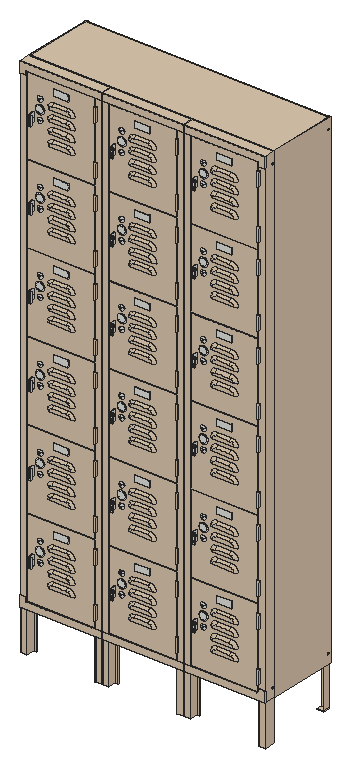
Revit family "Metal_Lockers-Salsbury_Industries-65000_66000_Series-3_Wide_Units", category Specialty Equipment, Revit 2024 (continued)
Definition of nested family "Metal Locker Zee Base - 3 Wide"
  Automatic sketch dimensions
    Extrusion 3 sketch curve to plane 17 "Back Edge of Rear Legs" = 0.060"
    Extrusion 3 sketch curve to plane 19 "Left Edge or Rear Left Leg" = 0.060"
    plane 17 "Back Edge of Rear Legs" to Extrusion 4 sketch curve = 0.000"
    Extrusion 4 sketch curve to plane 19 "Left Edge or Rear Left Leg" = 0.000"
    plane 20 to Extrusion 4 sketch curve = 0.000"
    Extrusion 4 sketch curve to plane 22 "Inside Edge or Left Rear Leg" = 0.000"
    Extrusion 5 sketch curve to plane 9 "Front of Unit" = 0.000"
    Extrusion 5 sketch curve to level = 0.000"
    Extrusion 5 sketch curve to plane 13 "Back Edge of Front Facing" = 0.000"
    plane 5 "Bottom of Unit" to Extrusion 5 sketch curve = 0.000"
    Extrusion 5 sketch curve to plane 13 "Back Edge of Front Facing" = 0.060"
    Extrusion 5 sketch curve to Extrusion 5 sketch curve = 1.588"
    level to Extrusion 5 sketch curve = 0.060"
    plane 5 "Bottom of Unit" to Extrusion 5 sketch curve = 0.060"
Definition of nested family "Metal Locker Zee Base-Right Side"
  Parameters (values of type "77578 Right - 18" D")
    Width including Rivet [instance] = 1.290"
    Visible = yes
    Primary Structure Material = none
    Depth = 16.362"
    Version = "1.0 (11/30/15)"
    Type Comments = "Zee Base Kit for Standard Metal Lockers - No Legs"
    Model = "77578"
    MasterFormat Title = ""
    MasterFormat Number = ""
    Manufacturer = "Salsbury Industries"
    Description = "4\" H x 6' L - for 12\" Deep Lockers (Includes 6 Foot Front Base, 2 End Bases, Corner Splicer and 4 Rear Legs)"
    Width = 4.000"
    Height = 4.000"
    Default Elevation = 0.000"
    Assembly Code = ""
  Types (4): name | Visible | Depth | Type Comments | Model | Description
    77572 Right - 12" D | yes | 10.362" | "Zee Base Kit for Standard Metal Lockers - No Legs" | "77572" | "4\" H x 6' L - for 12\" Deep Lockers (Includes 6 Foot Front Base, 2 End Bases, Corner Splicer and 4 Rear Legs)"
    77575 Right - 15" D | yes | 13.362" | "Zee Base Kit for Standard Metal Lockers - No Legs" | "77575" | "4\" H x 6' L - for 12\" Deep Lockers (Includes 6 Foot Front Base, 2 End Bases, Corner Splicer and 4 Rear Legs)"
    77578 Right - 18" D | yes | 16.362" | "Zee Base Kit for Standard Metal Lockers - No Legs" | "77578" | "4\" H x 6' L - for 12\" Deep Lockers (Includes 6 Foot Front Base, 2 End Bases, Corner Splicer and 4 Rear Legs)"
    None | no | 10.362" | "End Base for Standard Metal Lockers" | "" | ""
  Reference planes (in)
    plane 1 "Center (Front/Back)": y = 0
    plane 2: z = 0
    plane 3 "Center (Left/Right)": x = 3.99
    plane 4 "Floor": z = 0
    plane 5 "Top of Enclosure": z = 4
    plane 6 "Left Edge of Insert": x = 4.77
    plane 7 "Right Side of Unit": x = 5.99
    plane 8 "Left Edge of Enclosure": y = -8.181
    plane 9 "Right Edge of Enclosure": y = 8.181
    plane 10 "Bottom Edge of Enclosure": z = 0.06
    plane 11 "Left Edge of Base": x = 1.99
  Forms (in)
    Extrusion 1, solid, material <- "Primary Structure Material", visible <- "Visible"
      sketch origin (5.99, 0, 0) x (0, 0, -1) y (0, -1, 0)
        loop
          line (-4, 6.93967) -> (-4, -6.931) -> (-3.94, -6.931) -> (-3.94, 6.93967) -> (-4, 6.93967)
      from 0.06 to 1.22
    Extrusion 2, solid, material <- "Primary Structure Material", visible <- "Visible"
      sketch origin (0, 0, 0) x (0, -1, 0) y (1, 0, 0)
        loop
          line (-8.181, 1.99) -> (-8.121, 1.99) -> (-8.121, 5.93) -> (8.121, 5.93) -> (8.121, 1.99) -> (8.181, 1.99) -> (8.181, 5.99) -> (-8.181, 5.99) -> (-8.181, 1.99)
      from 0.06 to 4
  Dimensions and locks (in)
    "Height": plane 5 "Top of Enclosure" to plane 4 "Floor"
    equal spacing: plane 8 "Left Edge of Enclosure", plane 1 "Center (Front/Back)", plane 9 "Right Edge of Enclosure"
    "Depth": plane 8 "Left Edge of Enclosure" to plane 9 "Right Edge of Enclosure"
    "Width": plane 11 "Left Edge of Base" to plane 7 "Right Side of Unit"
    equal spacing: plane 11 "Left Edge of Base", plane 3 "Center (Left/Right)", plane 7 "Right Side of Unit"
    locked: plane 4 "Floor" to plane 10 "Bottom Edge of Enclosure" at 0.06
    aligned and locked: level to plane 2
    aligned and locked: plane 6 "Left Edge of Insert" to Extrusion 1
    aligned and locked: Extrusion 2 to plane 9 "Right Edge of Enclosure"
    aligned and locked: Extrusion 2 to plane 10 "Bottom Edge of Enclosure"
    aligned and locked: plane 11 "Left Edge of Base" to Extrusion 2
  Automatic sketch dimensions
    plane 5 "Top of Enclosure" to Extrusion 1 sketch curve = 0.000"
    Extrusion 1 sketch curve to Extrusion 1 sketch curve = 0.060"
    plane 9 "Right Edge of Enclosure" to Extrusion 1 sketch curve = 1.250"
    Extrusion 1 sketch curve to plane 8 "Left Edge of Enclosure" = 1.24133"
    Extrusion 2 sketch curve to plane 7 "Right Side of Unit" = 0.000"
    plane 9 "Right Edge of Enclosure" to Extrusion 2 sketch curve = 0.000"
    plane 6 "Left Edge of Insert" to Extrusion 2 sketch curve = 2.780"  (x2)
    Extrusion 2 sketch curve to Extrusion 2 sketch curve = 0.060"
    plane 7 "Right Side of Unit" to Extrusion 2 sketch curve = 0.060"
    Extrusion 2 sketch curve to plane 8 "Left Edge of Enclosure" = 0.060"
    Extrusion 2 sketch curve to plane 8 "Left Edge of Enclosure" = 0.000"
Definition of nested family "Metal Locker Zee Base-Left Side"
  Parameters (values of type "77572 Left - 12" D")
    Width including Rivet [instance] = 1.290"
    Visible = yes
    Primary Structure Material = none
    Depth = 10.362"
    Version = "1.0 (11/30/15)"
    Type Comments = "Zee Base Kit for Standard Metal Lockers - No Legs"
    Model = "77572"
    MasterFormat Title = ""
    MasterFormat Number = ""
    Manufacturer = "Salsbury Industries"
    Description = "4\" H x 6' L - for 12\" Deep Lockers (Includes 6 Foot Front Base, 2 End Bases, Corner Splicer and 4 Rear Legs)"
    Width = 4.000"
    Height = 4.000"
    Default Elevation = 0.000"
    Assembly Code = ""
  Types (4): name | Visible | Depth | Type Comments | Model | Description
    77572 Left - 12" D | yes | 10.362" | "Zee Base Kit for Standard Metal Lockers - No Legs" | "77572" | "4\" H x 6' L - for 12\" Deep Lockers (Includes 6 Foot Front Base, 2 End Bases, Corner Splicer and 4 Rear Legs)"
    77575 Left - 15" D | yes | 13.362" | "Zee Base Kit for Standard Metal Lockers - No Legs" | "77575" | "4\" H x 6' L - for 12\" Deep Lockers (Includes 6 Foot Front Base, 2 End Bases, Corner Splicer and 4 Rear Legs)"
    77578 Left- 18" D | yes | 16.362" | "Zee Base Kit for Standard Metal Lockers - No Legs" | "77578" | "4\" H x 6' L - for 12\" Deep Lockers (Includes 6 Foot Front Base, 2 End Bases, Corner Splicer and 4 Rear Legs)"
    None | no | 10.362" | "End Base for Standard Metal Lockers" | "" | ""
  Reference planes (in)
    plane 1 "Center (Front/Back)": y = 0
    plane 2: z = 0
    plane 3 "Center (Left/Right)": x = 3.99
    plane 4 "Floor": z = 0
    plane 5 "Top of Enclosure": z = 4
    plane 6 "Right Side of Unit": x = 5.99
    plane 7 "Left Edge of Enclosure": y = -5.181
    plane 8 "Right Edge of Enclosure": y = 5.181
    plane 9 "Bottom Edge of Enclosure": z = 0.06
    plane 10 "Left Edge of Base": x = 1.99
    plane 11 "Right Edge of Inser": x = 3.21
  Forms (in)
    Extrusion 1, solid, material <- "Primary Structure Material", visible <- "Visible"
      sketch origin (7.98, 0, 0) x (0, -1, 0) y (1, 0, 0)
        loop
          line (-5.181, -1.99) -> (-5.181, -5.99) -> (5.181, -5.99) -> (5.181, -1.99) -> (5.121, -1.99) -> (5.121, -5.93) -> (-5.121, -5.93) -> (-5.121, -1.99) -> (-5.181, -1.99)
      from 0.06 to 4
    Extrusion 2, solid, material <- "Primary Structure Material", visible <- "Visible"
      sketch origin (1.99, 0, 0) x (0, 0, -1) y (0, 1, 0)
        loop
          line (-4, -3.93967) -> (-3.94, -3.93967) -> (-3.94, 3.931) -> (-4, 3.931) -> (-4, -3.93967)
      from 0.06 to 1.22
  Dimensions and locks (in)
    "Height": plane 5 "Top of Enclosure" to plane 4 "Floor"
    equal spacing: plane 7 "Left Edge of Enclosure", plane 1 "Center (Front/Back)", plane 8 "Right Edge of Enclosure"
    "Depth": plane 7 "Left Edge of Enclosure" to plane 8 "Right Edge of Enclosure"
    "Width": plane 10 "Left Edge of Base" to plane 6 "Right Side of Unit"
    equal spacing: plane 10 "Left Edge of Base", plane 3 "Center (Left/Right)", plane 6 "Right Side of Unit"
    locked: plane 4 "Floor" to plane 9 "Bottom Edge of Enclosure" at 0.06
    aligned and locked: level to plane 2
    aligned and locked: plane 10 "Left Edge of Base" to Extrusion 1
  Automatic sketch dimensions
    plane 8 "Right Edge of Enclosure" to Extrusion 1 sketch curve = 0.000"
    Extrusion 1 sketch curve to plane 6 "Right Side of Unit" = 0.000"  (x2)
    plane 7 "Left Edge of Enclosure" to Extrusion 1 sketch curve = 0.000"
    Extrusion 1 sketch curve to plane 10 "Left Edge of Base" = 0.000"
    Extrusion 1 sketch curve to Extrusion 1 sketch curve = 0.060"
    plane 7 "Left Edge of Enclosure" to Extrusion 1 sketch curve = 0.060"
    plane 10 "Left Edge of Base" to Extrusion 1 sketch curve = 0.060"
    plane 5 "Top of Enclosure" to Extrusion 2 sketch curve = 0.000"
    Extrusion 2 sketch curve to Extrusion 2 sketch curve = 0.060"
    Extrusion 2 sketch curve to plane 7 "Left Edge of Enclosure" = 1.24133"
    plane 8 "Right Edge of Enclosure" to Extrusion 2 sketch curve = 1.250"
Definition of nested family "Metal Locker Zee Base Corner"
  Parameters (values of type "77572, 77575, 77578")
    Width = 2.000"
    Visible = yes
    Version = "1.0 (11/30/15)"
    Type Comments = "Zee Base Kit for Standard Metal Lockers - No Legs"
    Primary Structure Material = none
    Model = "n/a"
    Manufacturer = "Salsbury Industries"
    Height = 3.940"
    Description = "4\" H x 6' L - for 12\" Deep Lockers (Includes 6 Foot Front Base, 2 End Bases, Corner Splicer and 4 Rear Legs)"
    Depth = 2.000"
    Default Elevation = 0.000"
  Types (2): name | Visible
    77572, 77575, 77578 | yes
    None | no
  Reference planes (in)
    plane 1 "Center (Front/Back)": y = 0
    plane 2 "Bottom of Component": z = 0
    plane 3 "Center (Left/Right)": x = 0
    plane 4: z = 3.94
    plane 5: x = -1
    plane 6: x = 1
    plane 7 "Front": y = -1
    plane 8 "Back": y = 1
  Forms (in)
    Extrusion 1, solid, material <- "Primary Structure Material", visible <- "Visible"
      sketch origin (0, 0, 0) x (1, 0, 0) y (0, 1, 0)
        loop
          line (-1, 1) -> (-1, 0.94) -> (0.94, 0.94) -> (0.94, -1) -> (1, -1) -> (1, 1) -> (-1, 1)
      from 0 to 3.94
  Dimensions and locks (in)
    "Height": plane 4 to plane 2 "Bottom of Component"
    equal spacing: plane 5, plane 3 "Center (Left/Right)", plane 6
    "Width": plane 5 to plane 6
    equal spacing: plane 7 "Front", plane 1 "Center (Front/Back)", plane 8 "Back"
    "Depth": plane 7 "Front" to plane 8 "Back"
    aligned and locked: plane 2 "Bottom of Component" to level
  Automatic sketch dimensions
    Extrusion 1 sketch curve to plane 5 = 0.000"
    plane 7 "Front" to Extrusion 1 sketch curve = 0.000"
    Extrusion 1 sketch curve to plane 6 = 0.000"
    plane 8 "Back" to Extrusion 1 sketch curve = 0.000"
    plane 6 to Extrusion 1 sketch curve = 0.060"
    Extrusion 1 sketch curve to Extrusion 1 sketch curve = 0.060"
Definition of nested family "Metal Locker End Panel"
  Parameters (values of type "77362 - for 6' H x 12" D Lockers")
    Width = 0.925"
    Visible = yes
    Version = "1.0 (11/30/15)"
    Type Comments = "Finished End Panel for Standard Metal Lockers"
    Primary Structure Material = none
    Model = "77362"
    MasterFormat Title = ""
    MasterFormat Number = ""
    Manufacturer = "Salsbury Industries"
    Height = 72.000"
    Description = "End Panel for 6' H x 12\" Deep Lockers"
    Depth = 12.010"
    Default Elevation = 0.000"
    Assembly Code = ""
  Types (7): name | Visible | Model | Height | Description | Depth
    77362 - for 6' H x 12" D Lockers | yes | "77362" | 72.000" | "End Panel for 6' H x 12\" Deep Lockers" | 12.010"
    77365 - for 6' H x 15" D Lockers | yes | "77365" | 72.000" | "End Panel for 6' H x 15\" Deep Lockers" | 15.010"
    77368 - for 6' H X 18" D Lockers | yes | "77368" | 72.000" | "End Panel for 6' H x 18\" Deep Lockers" | 18.010"
    77352 - for 5' H x 12" D Lockers | yes | "77352" | 60.000" | "End Panel for 5' H x 12\" Deep Lockers" | 12.010"
    77355 - for 5' H x 15" D Lockers | yes | "77355" | 60.000" | "End Panel for 5' H x 15\" Deep Lockers" | 15.010"
    77358 - for 5' H x 18" D Lockers | yes | "77358" | 60.000" | "End Panel for 5' H x 18\" Deep Lockers" | 18.010"
    None | no | "n/a" | 72.000" | "" | 12.010"
  Reference planes (in)
    plane 1 "Center (Front/Back)": y = -2.167
    plane 2: z = 0
    plane 3 "Center (Left/Right)": x = -4.595
    plane 4 "Bottom of Panel": z = 0
    plane 5 "Top of Panel": z = 72
    plane 6 "Front of Panel": y = -8.172
    plane 7 "Right Side of Enclosure": x = -4.1325
    plane 8 "Left Side of Enclosure": x = -5.0575
    plane 9 "Back of Panel": y = 3.838
    plane 10: z = 36
    plane 11: z = 70.283
    plane 12: z = 1.717
    plane 13 "Outside Edge of Front Flap": y = -8.23214
    plane 14 "Outside Edge of Back Flap": y = 3.898
  Forms (in)
    Extrusion 1, solid, material <- "Primary Structure Material", visible <- "Visible"
      sketch origin (-4.1325, 0.48244, 0) x (0, 0, -1) y (0, -1, 0)
        loop
          line (-72, 8.71458) -> (-72, -3.41556) -> (0, -3.41556) -> (0, 8.71458) -> (-72, 8.71458)
      from 0 to -0.06
    Extrusion 2, solid, material <- "Primary Structure Material", visible <- "Visible"
      sketch origin (0, 3.838, 0) x (0, 0, -1) y (1, 0, 0)
        loop
          line (-72, -5.0575) -> (0, -5.0575) -> (0, -4.1325) -> (-72, -4.1325) -> (-72, -5.0575)
      from 0 to -0.06
    Extrusion 3, solid, material <- "Primary Structure Material", visible <- "Visible"
      sketch origin (0, -8.172, 0) x (1, 0, 0) y (0, 0, 1)
        loop
          line (-5.0575, 70.283) -> (-5.0575, 1.717) -> (-4.1325, 1.717) -> (-4.1325, 70.283) -> (-5.0575, 70.283)
      from 0.06014 to 0
  Dimensions and locks (in)
    equal spacing: plane 6 "Front of Panel", plane 1 "Center (Front/Back)", plane 9 "Back of Panel"
    "Depth": plane 6 "Front of Panel" to plane 9 "Back of Panel"
    equal spacing: plane 8 "Left Side of Enclosure", plane 3 "Center (Left/Right)", plane 7 "Right Side of Enclosure"
    "Width": plane 8 "Left Side of Enclosure" to plane 7 "Right Side of Enclosure"
    equal spacing: plane 5 "Top of Panel", plane 10, plane 2
    "Height": plane 5 "Top of Panel" to plane 2
    locked: plane 5 "Top of Panel" to plane 11 at 1.717
    locked: plane 13 "Outside Edge of Front Flap" to plane 6 "Front of Panel" at 0.06014
    locked: plane 9 "Back of Panel" to plane 14 "Outside Edge of Back Flap" at 0.06
    aligned and locked: level to plane 2
    aligned and locked: plane 5 "Top of Panel" to Extrusion 1 sketch curve
    aligned and locked: plane 5 "Top of Panel" to Extrusion 2 sketch curve
    aligned and locked: Extrusion 2 to plane 9 "Back of Panel"
    aligned and locked: plane 11 to Extrusion 3 sketch curve
    aligned and locked: plane 6 "Front of Panel" to Extrusion 3
    aligned and locked: plane 14 "Outside Edge of Back Flap" to Extrusion 2
    aligned and locked: Extrusion 1 to plane 14 "Outside Edge of Back Flap"
    aligned and locked: plane 13 "Outside Edge of Front Flap" to Extrusion 3
    aligned and locked: Extrusion 2 to plane 7 "Right Side of Enclosure"
    aligned and locked: Extrusion 3 to plane 7 "Right Side of Enclosure"
  Automatic sketch dimensions
    Extrusion 1 sketch curve to level = 0.000"
    Extrusion 2 sketch curve to level = 0.000"
    plane 8 "Left Side of Enclosure" to Extrusion 2 sketch curve = 0.000"
    plane 7 "Right Side of Enclosure" to Extrusion 2 sketch curve = 0.000"
    plane 8 "Left Side of Enclosure" to Extrusion 3 sketch curve = 0.000"
    Extrusion 3 sketch curve to plane 12 = 0.000"
    plane 7 "Right Side of Enclosure" to Extrusion 3 sketch curve = 0.000"
    Extrusion 1 sketch curve to plane 14 "Outside Edge of Back Flap" = 0.000"
    plane 6 "Front of Panel" to Extrusion 1 sketch curve = 0.06014"
Definition of nested family "Metal Locker Front Filler"
  Parameters (values of type "77869 - for 6' H Lockers (Zee Base or No Legs)")
    Width = 9.000"
    Visible = yes
    Version = "1.0 (11/30/15)"
    Type Comments = "Vertical Front Filler for Standard Metal Lockers"
    Primary Structure Material = none
    Model = "77865"
    MasterFormat Title = ""
    MasterFormat Number = ""
    Manufacturer = "Salsbury Industries"
    Height = 72.000"
    Description = "9\" W Vertical Front Filler for 6' H Lockers"
    Depth = 1.500"
    Default Elevation = 0.000"
    Assembly Code = ""
  Types (9): name | Width | Visible | Model | Height | Description | Depth
    77865 - for 6' H Lockers with Legs | 15.000" | yes | "77865" | 78.000" | "15\" W Vertical Front Filler for 6' H Lockers" | 1.000"
    77869 - for 6' H Lockers with Legs | 9.000" | yes | "77865" | 78.000" | "9\" W Vertical Front Filler for 6' H Lockers" | 1.000"
    77855 - for 5' H Lockers with Legs | 15.000" | yes | "77855" | 66.000" | "15\" W Vertical Front Filler for 5' H Lockers" | 1.000"
    77859 - for 5' H Lockers with Legs | 9.000" | yes | "77859" | 66.000" | "9\" W Vertical Front Filler for 5' H Lockers" | 1.000"
    None | 15.000" | no | "n/a" | 78.000" | "" | 1.500"
    77865 - for 6' H Lockers (Zee Base or No Legs) | 15.000" | yes | "77865" | 72.000" | "15\" W Vertical Front Filler for 6' H Lockers" | 1.000"
    77869 - for 6' H Lockers (Zee Base or No Legs) | 9.000" | yes | "77865" | 72.000" | "9\" W Vertical Front Filler for 6' H Lockers" | 1.500"
    77859 - for 5' H Lockers (Zee Base or No Legs) | 9.000" | yes | "77859" | 60.000" | "9\" W Vertical Front Filler for 5' H Lockers" | 1.000"
    77855 - for 5' H Lockers (Zee Base or No Legs) | 15.000" | yes | "77855" | 60.000" | "15\" W Vertical Front Filler for 5' H Lockers" | 1.000"
  Reference planes (in)
    plane 1 "Center (Front/Back)": y = -2.167
    plane 2: z = 0
    plane 3 "Center (Left/Right)": x = -4.595
    plane 4 "Bottom of Filler": z = 0
    plane 5 "Top of Panel": z = 72
    plane 6 "Front of Filler": y = -2.917
    plane 7 "Right Side of Filler": x = -0.095
    plane 8 "Left Side of Filler": x = -9.095
    plane 9 "Back of Filler": y = -1.417
    plane 10: z = 36
  Forms (in)
    Extrusion 1, solid, material <- "Primary Structure Material", visible <- "Visible"
      sketch origin (0, 0, 0) x (0, -1, 0) y (1, 0, 0)
        loop
          line (1.417, -9.095) -> (2.917, -9.095) -> (2.917, -1.095) -> (2.869, -1.095) -> (2.869, -9.047) -> (1.417, -9.047) -> (1.417, -9.095)
      from 0 to 72
    Extrusion 2, solid, material <- "Primary Structure Material", visible <- "Visible"
      sketch origin (0, -0.20425, 0) x (0, -1, 0) y (1, 0, 0)
        loop
          line (1.30875, -0.095) -> (1.30875, -0.143) -> (2.76075, -0.143) -> (2.76075, -1.595) -> (2.80875, -1.595) -> (2.80875, -0.095) -> (1.30875, -0.095)
      from 0 to 72
    Extrusion 3, solid, material <- "Primary Structure Material", visible <- "Visible"
      sketch origin (0, 0.10825, 0) x (0, -1, 0) y (1, 0, 0)
        loop
          line (3.07325, -1.595) -> (3.07325, -0.82524) -> (3.02525, -0.82524) -> (3.02525, -1.376) -> (3.02525, -1.449) -> (3.02525, -1.522) -> (3.02525, -1.595) -> (3.07325, -1.595)
      from 0 to 72
    Extrusion 4, solid, material <- "Primary Structure Material", visible <- "Visible"
      sketch origin (0, 0, 0) x (0, -1, 0) y (1, 0, 0)
        loop
          line (2.917, -0.82524) -> (2.821, -0.82524) -> (2.821, -1.80024) -> (2.869, -1.80024) -> (2.869, -0.87324) -> (2.917, -0.87324) -> (2.917, -0.82524)
      from 0 to 72
  Dimensions and locks (in)
    equal spacing: plane 6 "Front of Filler", plane 1 "Center (Front/Back)", plane 9 "Back of Filler"
    "Depth": plane 6 "Front of Filler" to plane 9 "Back of Filler"
    equal spacing: plane 8 "Left Side of Filler", plane 3 "Center (Left/Right)", plane 7 "Right Side of Filler"
    "Width": plane 8 "Left Side of Filler" to plane 7 "Right Side of Filler"
    equal spacing: plane 5 "Top of Panel", plane 10, plane 2
    "Height": plane 5 "Top of Panel" to plane 2
    aligned and locked: level to plane 2
    aligned and locked: Extrusion 1 to plane 5 "Top of Panel"
    aligned and locked: Extrusion 2 to plane 5 "Top of Panel"
    aligned and locked: Extrusion 3 to plane 5 "Top of Panel"
    aligned and locked: Extrusion 4 to plane 5 "Top of Panel"
  Automatic sketch dimensions
    plane 9 "Back of Filler" to Extrusion 1 sketch curve = 0.000"
    plane 6 "Front of Filler" to Extrusion 1 sketch curve = 0.000"
    Extrusion 1 sketch curve to plane 8 "Left Side of Filler" = 0.000"
    Extrusion 1 sketch curve to plane 6 "Front of Filler" = 0.048"
    Extrusion 1 sketch curve to Extrusion 1 sketch curve = 0.048"
    plane 7 "Right Side of Filler" to Extrusion 1 sketch curve = 1.000"
    Extrusion 2 sketch curve to plane 7 "Right Side of Filler" = 0.000"
    plane 7 "Right Side of Filler" to Extrusion 2 sketch curve = 0.048"
    plane 9 "Back of Filler" to Extrusion 2 sketch curve = 0.096"
    plane 6 "Front of Filler" to Extrusion 2 sketch curve = 0.048"
    Extrusion 2 sketch curve to Extrusion 2 sketch curve = 0.048"
    Extrusion 2 sketch curve to Extrusion 2 sketch curve = 1.452"
    plane 6 "Front of Filler" to Extrusion 3 sketch curve = 0.000"
    plane 7 "Right Side of Filler" to Extrusion 3 sketch curve = 1.500"
    Extrusion 3 sketch curve to Extrusion 3 sketch curve = 0.073"  (x3)
    Extrusion 3 sketch curve to Extrusion 3 sketch curve = 0.55076"
    Extrusion 3 sketch curve to Extrusion 3 sketch curve = 0.048"
    plane 6 "Front of Filler" to Extrusion 4 sketch curve = 0.000"
    Extrusion 4 sketch curve to plane 6 "Front of Filler" = 0.048"
    Extrusion 4 sketch curve to Extrusion 4 sketch curve = 0.048"  (x2)
    plane 7 "Right Side of Filler" to Extrusion 4 sketch curve = 1.70524"
    plane 7 "Right Side of Filler" to Extrusion 4 sketch curve = 0.77824"
Definition of nested family "Metal Locker Flat Top Filler"
  Parameters (values of type "77842 - for 12" Deep Lockers (15" W)")
    Width = 16.250"
    Visible = yes
    Version = "1.0 (11/30/15)"
    Type Comments = "Flat Top Filler for Standard Metal Lockers"
    Primary Structure Material = none
    Model = "77842"
    MasterFormat Title = ""
    MasterFormat Number = ""
    Manufacturer = "Salsbury Industries"
    Height = 1.003"
    Description = "15\"W Flat Top In-Line Filler"
    Depth = 12.118"
    Default Elevation = 0.000"
    Assembly Code = ""
  Types (7): name | Width | Visible | Model | Depth
    77842 - for 12" Deep Lockers (15" W) | 16.250" | yes | "77842" | 12.118"
    77842 - for 12" Deep Lockers (9" W) | 10.250" | yes | "77842" | 12.118"
    77845 - for 15" Deep Lockers (15" W) | 16.250" | yes | "77845" | 15.118"
    77845 - for 15" Deep Lockers (9" W) | 10.250" | yes | "77845" | 15.118"
    77848 - for 18" Deep Lockers (15" W) | 16.250" | yes | "77848" | 18.118"
    77848 - for 18" Deep Lockers (9" W) | 10.250" | yes | "77848" | 18.118"
    None | 16.250" | no | "" | 12.118"
  Reference planes (in)
    plane 1 "Center (Front/Back)": y = -2.167
    plane 2: z = 0
    plane 3 "Center (Left/Right)": x = -4.595
    plane 4 "Bottom of Panel": z = 0
    plane 5 "Top of Panel": z = 1.003
    plane 6 "Front of Panel": y = -8.226
    plane 7 "Right Side of Enclosure": x = 3.53
    plane 8 "Left Side of Enclosure": x = -12.72
    plane 9 "Back of Panel": y = 3.892
    plane 10: z = 0.5015
  Forms (in)
    Extrusion 1, solid, material <- "Primary Structure Material", visible <- "Visible"
      sketch origin (-4.595, 0, 0) x (0, 1, 0) y (0, 0, 1)
        loop
          line (-8.226, 0) -> (-8.178, 0) -> (-8.178, 0.955) -> (3.892, 0.955) -> (3.892, 1.003) -> (-8.226, 1.003) -> (-8.226, 0)
      from -8.125 to 8.125
  Dimensions and locks (in)
    equal spacing: plane 6 "Front of Panel", plane 1 "Center (Front/Back)", plane 9 "Back of Panel"
    "Depth": plane 6 "Front of Panel" to plane 9 "Back of Panel"
    equal spacing: plane 8 "Left Side of Enclosure", plane 3 "Center (Left/Right)", plane 7 "Right Side of Enclosure"
    "Width": plane 8 "Left Side of Enclosure" to plane 7 "Right Side of Enclosure"
    equal spacing: plane 5 "Top of Panel", plane 10, plane 2
    "Height": plane 5 "Top of Panel" to plane 2
    aligned and locked: level to plane 2
    aligned and locked: Extrusion 1 to plane 7 "Right Side of Enclosure"
    aligned and locked: plane 8 "Left Side of Enclosure" to Extrusion 1
    aligned and locked: plane 6 "Front of Panel" to Extrusion 1
    aligned and locked: Extrusion 1 to plane 9 "Back of Panel"
  Automatic sketch dimensions
    plane 5 "Top of Panel" to Extrusion 1 sketch curve = 0.000"
    Extrusion 1 sketch curve to plane 6 "Front of Panel" = 0.000"
    Extrusion 1 sketch curve to level = 0.000"
    Extrusion 1 sketch curve to plane 9 "Back of Panel" = 0.000"
    Extrusion 1 sketch curve to plane 6 "Front of Panel" = 0.048"
    plane 5 "Top of Panel" to Extrusion 1 sketch curve = 0.048"
Definition of nested family "Metal Locker Flat Corner Filler"
  Parameters (values of type "77832 - for 12" Deep Lockers")
    Width = 12.625"
    Visible = yes
    Version = "1.0 (11/30/15)"
    Type Comments = "Flat Top Corner Filler for Standard Metal Lockers"
    Primary Structure Material = none
    Model = "77832"
    MasterFormat Title = ""
    MasterFormat Number = ""
    Manufacturer = "Salsbury Industries"
    Height = 0.048"
    Description = "12\"W Flat Top Corner Filler"
    Depth = 12.625"
    Default Elevation = 0.000"
    Assembly Code = ""
  Types (4): name | Width | Visible | Model | Description | Depth
    77832 - for 12" Deep Lockers | 12.625" | yes | "77832" | "12\"W Flat Top Corner Filler" | 12.625"
    77835 - for 15" Deep Lockers | 15.625" | yes | "77835" | "15\"W Flat Top Corner Filler" | 15.625"
    77838 - for 18" Deep Lockers | 18.625" | yes | "77838" | "18\"W Flat Top Corner Filler" | 18.625"
    None | 12.625" | no | "" | "" | 12.625"
  Reference planes (in)
    plane 1 "Center (Front/Back)": y = -2.167
    plane 2: z = 0
    plane 3 "Center (Left/Right)": x = -4.595
    plane 4 "Bottom of Panel": z = 0
    plane 5 "Top of Panel": z = 0.048
    plane 6 "Front of Panel": y = -8.4795
    plane 7 "Right Side of Enclosure": x = 1.7175
    plane 8 "Left Side of Enclosure": x = -10.9075
    plane 9 "Back of Panel": y = 4.1455
    plane 10: z = 0.024
  Forms (in)
    Extrusion 1, solid, material <- "Primary Structure Material", visible <- "Visible"
      sketch origin (0, 0, 0) x (0, -1, 0) y (1, 0, 0)
        loop
          line (7.8545, -10.9075) -> (7.8545, -10.2825) -> (8.4795, -10.2825) -> (8.4795, 1.7175) -> (-4.1455, 1.7175) -> (-4.1455, -10.9075) -> (7.8545, -10.9075)
      from 0 to 0.048
  Dimensions and locks (in)
    equal spacing: plane 6 "Front of Panel", plane 1 "Center (Front/Back)", plane 9 "Back of Panel"
    "Depth": plane 6 "Front of Panel" to plane 9 "Back of Panel"
    equal spacing: plane 8 "Left Side of Enclosure", plane 3 "Center (Left/Right)", plane 7 "Right Side of Enclosure"
    "Width": plane 8 "Left Side of Enclosure" to plane 7 "Right Side of Enclosure"
    equal spacing: plane 5 "Top of Panel", plane 10, plane 2
    "Height": plane 5 "Top of Panel" to plane 2
    aligned and locked: level to plane 2
    aligned and locked: Extrusion 1 to plane 9 "Back of Panel"
    aligned and locked: plane 6 "Front of Panel" to Extrusion 1
    aligned and locked: Extrusion 1 to plane 7 "Right Side of Enclosure"
    aligned and locked: plane 8 "Left Side of Enclosure" to Extrusion 1
  Automatic sketch dimensions
    Extrusion 1 sketch curve to plane 8 "Left Side of Enclosure" = 0.000"
    plane 9 "Back of Panel" to Extrusion 1 sketch curve = 0.000"
    plane 6 "Front of Panel" to Extrusion 1 sketch curve = 0.000"
    Extrusion 1 sketch curve to plane 7 "Right Side of Enclosure" = 0.000"
    Extrusion 1 sketch curve to plane 8 "Left Side of Enclosure" = 0.625"
    Extrusion 1 sketch curve to plane 6 "Front of Panel" = 0.625"
Definition of nested family "Metal Locker Sloping Top Filler"
  Parameters (values of type "77882 - for 12" Deep Lockers (15" W)")
    Width = 16.250"
    Visible = yes
    Version = "1.0 (11/30/15)"
    Type Comments = "Sloping Hood In-Line Filler for Standard Metal Lockers"
    Slope Angle = 28.761°
    Primary Structure Material = none
    Model = "77882"
    MasterFormat Title = ""
    MasterFormat Number = ""
    Manufacturer = "Salsbury Industries"
    Height = 1.003"
    Description = "15\"W Sloping Hood In-Line Filler"
    Depth = 12.118"
    Default Elevation = 0.000"
    Assembly Code = ""
  Types (7): name | Width | Visible | Type Comments | Slope Angle | Model | Description | Depth
    77882 - for 12" Deep Lockers (15" W) | 16.250" | yes | "Sloping Hood In-Line Filler for Standard Metal Lockers" | 28.761° | "77882" | "15\"W Sloping Hood In-Line Filler" | 12.118"
    77882 - for 12" Deep Lockers (9" W) | 10.250" | yes | "Sloping Hood In-Line Filler for Standard Metal Lockers" | 28.761° | "77882" | "15\"W Sloping Hood In-Line Filler" | 12.118"
    77885 - for 15" Deep Lockers (15" W) | 16.250" | yes | "Sloping Hood In-Line Filler for Standard Metal Lockers" | 29.946° | "77885" | "15\"W Sloping Hood In-Line Filler" | 15.118"
    77885 - for 15" Deep Lockers (9" W) | 10.250" | yes | "Sloping Hood In-Line Filler for Standard Metal Lockers" | 29.946° | "77885" | "15\"W Sloping Hood In-Line Filler" | 15.118"
    77888 - for 18" Deep Lockers (15" W) | 16.250" | yes | "Sloping Hood In-Line Filler for Standard Metal Lockers" | 30.723° | "77888" | "15\"W Sloping Hood In-Line Filler" | 18.118"
    77888 - for 18" Deep Lockers (9" W) | 10.250" | yes | "Sloping Hood In-Line Filler for Standard Metal Lockers" | 30.723° | "77888" | "15\"W Sloping Hood In-Line Filler" | 18.118"
    None | 16.250" | no | "Sloping Hood for Standard Metal Lockers" | 28.761° | "" | "" | 12.118"
  Reference planes (in)
    plane 1 "Center (Front/Back)": y = -2.167
    plane 2: z = 0
    plane 3 "Center (Left/Right)": x = -4.595
    plane 4 "Bottom of Panel": z = 0
    plane 5 "Top of Panel": z = 1.003
    plane 6 "Front of Panel": y = -8.226
    plane 7 "Right Side of Enclosure": x = 3.53
    plane 8 "Left Side of Enclosure": x = -12.72
    plane 9 "Back of Panel": y = 3.892
    plane 10: z = 0.5015
    plane 11: through (0, -7.6072, 0.33964) normal (0, -0.4812, 0.8766)
    plane 12: through (0, -7.72698, 0.21914) normal (0, -0.4812, 0.8766)
  Forms (in)
    Extrusion 1, solid, material <- "Primary Structure Material", visible <- "Visible"
      sketch origin (-4.595, 0, 0) x (0, 1, 0) y (0, 0, 1)
        loop
          line (3.892, 6.65119) -> (-8.226, 0) -> (-8.226, -1.028) -> (-8.178, -1.028) -> (-8.178, -0.02841) -> (3.892, 6.59643) -> (3.892, 6.65119)
      from -8.125 to 8.125
  Dimensions and locks (in)
    equal spacing: plane 6 "Front of Panel", plane 1 "Center (Front/Back)", plane 9 "Back of Panel"
    "Depth": plane 6 "Front of Panel" to plane 9 "Back of Panel"
    equal spacing: plane 8 "Left Side of Enclosure", plane 3 "Center (Left/Right)", plane 7 "Right Side of Enclosure"
    "Width": plane 8 "Left Side of Enclosure" to plane 7 "Right Side of Enclosure"
    equal spacing: plane 5 "Top of Panel", plane 10, plane 2
    "Height": plane 5 "Top of Panel" to plane 2
    locked: plane 11 to plane 12 at 0.048
    "Slope Angle": angle plane 4 "Bottom of Panel" to plane 11
    aligned and locked: level to plane 2
    aligned and locked: plane 11 to Extrusion 1 sketch curve
    aligned and locked: plane 12 to Extrusion 1 sketch curve
    aligned and locked: Extrusion 1 to plane 7 "Right Side of Enclosure"
    aligned and locked: plane 8 "Left Side of Enclosure" to Extrusion 1
  Automatic sketch dimensions
    Extrusion 1 sketch curve to plane 6 "Front of Panel" = 0.000"
    Extrusion 1 sketch curve to Extrusion 1 sketch curve = 0.99959"
    Extrusion 1 sketch curve to level = 0.02841"
    Extrusion 1 sketch curve to plane 9 "Back of Panel" = 0.000"
Definition of nested family "Metal Locker Sloping Corner Filler"
  Parameters (values of type "77872 - for 12" Deep Lockers")
    Width = 12.695"
    Visible = yes
    Version = "1.0 (11/30/15)"
    Type Comments = "Sloping Hood Corner Filler for Standard Metal Lockers"
    Slope Angle 2 = 28.761°
    Slope Angle 1 = 28.761°
    Primary Structure Material = none
    Model = "77872"
    MasterFormat Title = ""
    MasterFormat Number = ""
    Manufacturer = "Salsbury Industries"
    Height = 6.87897"
    Description = "12\"D Sloping Hood Corner Filler"
    Depth = 12.695"
    Default Elevation = 0.000"
    Assembly Code = ""
  Types (4): name | Width | Visible | Slope Angle 2 | Slope Angle 1 | Model | Description | Depth
    77872 - for 12" Deep Lockers | 12.695" | yes | 28.761° | 28.761° | "77872" | "12\"D Sloping Hood Corner Filler" | 12.695"
    77875 - for 15" Deep Lockers | 15.695" | yes | 29.946° | 29.946° | "77875" | "15\"D Sloping Hood Corner Filler" | 15.695"
    77878 - for 18" Deep Lockers | 18.695" | yes | 30.723° | 30.723° | "77878" | "18\"D Sloping Hood Corner Filler" | 18.695"
    None | 12.695" | no | 28.723° | 28.723° | "" | "" | 12.695"
  Reference planes (in)
    plane 1 "Center (Front/Back)": y = -2.167
    plane 2: z = 0
    plane 3 "Center (Left/Right)": x = -4.595
    plane 4 "Bottom of Panel": z = 0
    plane 5 "Top of Panel": z = 6.87897
    plane 6 "Front of Panel": y = -8.5145
    plane 7 "Right Side of Enclosure": x = 1.7525
    plane 8 "Left Side of Enclosure": x = -10.9425
    plane 9 "Back of Panel": y = 4.1805
    plane 10 "Center Top/Bottom": z = 3.43948
    plane 11 "Slope 1": through (0, -7.42276, 0.59922) normal (0, -0.4812, 0.8766)
    plane 12: through (0, -7.54254, 0.47872) normal (0, -0.4812, 0.8766)
    plane 13 "Diagonal Plane": through (-10.86131, 4.09969, 48) normal (0.7071, 0.7071, 0)
    plane 14 "Cutout Plane 1": y = -7.8895
    plane 15 "Cutout Plane 2": x = 1.1275
    plane 16 "Slope 2": through (1.43902, -180, 0.17206) normal (-0.4812, 0, -0.8766)
    plane 17: through (5.04554, -180, -1.86199) normal (-0.4812, 0, -0.8766)
  Forms (in)
    Extrusion 1, solid, material <- "Primary Structure Material", visible <- "Visible"
      sketch origin (-4.595, 0, 0) x (0, 1, 0) y (0, 0, 1)
        loop
          line (-7.8895, 0.28829) -> (4.1805, 6.91313) -> (4.1805, 6.96789) -> (-7.8895, 0.34304) -> (-7.8895, 0.28829)
      from -6.3475 to 6.3475
    Extrusion 2, void
      sketch origin (0, 0, 3.43948) x (1, 0, 0) y (0, 1, 0)
        loop
          line (1.75288, -8.5145) -> (-10.9425, 4.18088) -> (-10.9425, -8.5145) -> (1.75288, -8.5145)
      from -3.43948 to 8.2673
    Extrusion 3, solid, material <- "Primary Structure Material", visible <- "Visible"
      sketch origin (0, -2.167, 0) x (1, 0, 0) y (0, 0, 1)
        loop
          line (1.1275, 0.2885) -> (1.1275, 0.34304) -> (-10.9425, 6.96789) -> (-10.9425, 6.91334) -> (1.1275, 0.2885)
      from -6.3475 to 6.3475
    Extrusion 4, void
      sketch origin (-4.595, 0, 0) x (0, 1, 0) y (0, 0, 1)
        loop
          line (4.1805, 0) -> (4.1805, 6.91313) -> (-8.41474, 0) -> (4.1805, 0)
      from -6.3475 to 6.3475
    Extrusion 5, solid, not visible
      sketch origin (1.1275, 0, 0) x (0, -1, 0) y (0, 0, 1)
        loop
          line (8.60982, 0.2885) -> (7.8895, 0.2885) -> (7.8895, 0) -> (8.60982, 0) -> (8.60982, 0.2885)
      from -0.72026 to 0
  Cuts and joins
    Extrusion 2, Extrusion 4 cuts Extrusion 1
    Extrusion 4 cuts Extrusion 3
  Dimensions and locks (in)
    equal spacing: plane 6 "Front of Panel", plane 1 "Center (Front/Back)", plane 9 "Back of Panel"
    "Depth": plane 6 "Front of Panel" to plane 9 "Back of Panel"
    equal spacing: plane 8 "Left Side of Enclosure", plane 3 "Center (Left/Right)", plane 7 "Right Side of Enclosure"
    "Width": plane 8 "Left Side of Enclosure" to plane 7 "Right Side of Enclosure"
    equal spacing: plane 5 "Top of Panel", plane 10 "Center Top/Bottom", plane 2
    "Height": plane 5 "Top of Panel" to plane 2
    locked: plane 11 "Slope 1" to plane 12 at 0.048
    locked: plane 15 "Cutout Plane 2" to plane 7 "Right Side of Enclosure" at 0.625
    locked: plane 6 "Front of Panel" to plane 14 "Cutout Plane 1" at 0.625
    locked: plane 17 to plane 16 "Slope 2" at 0.04782
    "Slope Angle 1": angle plane 4 "Bottom of Panel" to plane 11 "Slope 1"
    "Slope Angle 2": angle plane 16 "Slope 2" to plane 4 "Bottom of Panel"
    aligned and locked: level to plane 2
    aligned and locked: Extrusion 1 sketch curve to plane 14 "Cutout Plane 1"
    aligned and locked: plane 9 "Back of Panel" to Extrusion 1 sketch curve
    aligned and locked: Extrusion 1 sketch curve to plane 11 "Slope 1"
    aligned and locked: plane 12 to Extrusion 1 sketch curve
    aligned and locked: plane 8 "Left Side of Enclosure" to Extrusion 1
    aligned and locked: Extrusion 1 to plane 7 "Right Side of Enclosure"
    aligned and locked: plane 6 "Front of Panel" to Extrusion 2 sketch curve
    aligned and locked: plane 8 "Left Side of Enclosure" to Extrusion 2 sketch curve
    aligned and locked: plane 13 "Diagonal Plane" to Extrusion 2 sketch curve
    aligned and locked: plane 4 "Bottom of Panel" to cut or joined group of Extrusion 1, Extrusion 2, Extrusion 4
    aligned and locked: Extrusion 4 sketch curve to level
    aligned and locked: Extrusion 4 sketch curve to plane 9 "Back of Panel"
    aligned and locked: plane 12 to Extrusion 4 sketch curve
    aligned and locked: Extrusion 4 to plane 7 "Right Side of Enclosure"
    aligned and locked: plane 8 "Left Side of Enclosure" to Extrusion 4
    aligned and locked: cut or joined group of Extrusion 3, Extrusion 4 to plane 15 "Cutout Plane 2"
    aligned and locked: plane 6 "Front of Panel" to cut or joined group of Extrusion 3, Extrusion 4
    aligned and locked: cut or joined group of Extrusion 3, Extrusion 4 to plane 9 "Back of Panel"
    aligned and locked: Extrusion 3 sketch curve to plane 15 "Cutout Plane 2"
    aligned and locked: Extrusion 3 sketch curve to plane 16 "Slope 2"
    aligned and locked: plane 8 "Left Side of Enclosure" to Extrusion 3 sketch curve
    aligned and locked: plane 17 to Extrusion 3 sketch curve
  Automatic sketch dimensions
    Extrusion 5 sketch curve to plane 14 "Cutout Plane 1" = 0.000"
    Extrusion 5 sketch curve to level = 0.000"
    plane 6 "Front of Panel" to Extrusion 5 sketch curve = 0.09532"
    Extrusion 5 sketch curve to Extrusion 5 sketch curve = 0.2885"
Definition of nested family "Metal Locker Sloping Hood"
  Parameters (values of type "77752 - for 12" Deep Lockers (1 Wide)")
    Width = 12.040"
    Visible = yes
    Version = "1.0 (11/30/15)"
    Type Comments = "Sloping Hood for Standard Metal Lockers"
    Slope Angle = 28.761°
    Primary Structure Material = none
    Model = "77752"
    MasterFormat Title = ""
    MasterFormat Number = ""
    Manufacturer = "Salsbury Industries"
    Height = 6.625"
    Dividing Lines = no
    Description = "12\" Deep for up to (3) 12\" Wide Lockers"
    Depth = 12.070"
    Default Elevation = 0.000"
    Assembly Code = ""
  Types (12): name | Width | Visible | Slope Angle | Model | Height | Dividing Lines | Description | Depth
    77752 - for 12" Deep Lockers (1 Wide) | 12.040" | yes | 28.761° | "77752" | 6.625" | no | "12\" Deep for up to (3) 12\" Wide Lockers" | 12.070"
    77752 - for 12" Deep Lockers (3 Wide) | 36.040" | yes | 28.761° | "77752" | 6.625" | yes | "12\" Deep for up to (3) 12\" Wide Lockers" | 12.070"
    77755 - for 15" Deep Lockers (1 Wide) | 12.040" | yes | 29.946° | "77755" | 8.682" | no | "15\" Deep for up to (3) 12\" Wide Lockers" | 15.070"
    77755 - for 15" Deep Lockers (3 Wide) | 36.040" | yes | 29.946° | "77755" | 8.628" | yes | "15\" Deep for up to (3) 12\" Wide Lockers" | 15.070"
    77758 - for 18" Deep Lockers (1 Wide) | 12.040" | yes | 30.723° | "77758" | 10.739" | no | "18\" Deep for up to (3) 12\" Wide Lockers" | 18.070"
    77758 - for 18" Deep Lockers (3 Wide) | 36.040" | yes | 30.723° | "77758" | 10.739" | yes | "18\" Deep for up to (3) 12\" Wide Lockers" | 18.070"
    None | 12.000" | no | 28.761° | "" | 6.625" | no | "" | 12.070"
    77765 - for 15" Deep Lockers (1 Wide) | 15.040" | yes | 29.946° | "77752" | 6.625" | no | "12\" Deep for up to (3) 12\" Wide Lockers" | 15.070"
    77768 - for 18" Deep Lockers (1 Wide) | 15.040" | yes | 30.723° | "77752" | 6.625" | no | "12\" Deep for up to (3) 12\" Wide Lockers" | 18.070"
    77765 - for 15" Deep Lockers (3 Wide) | 45.040" | yes | 29.946° | "77752" | 6.625" | yes | "12\" Deep for up to (3) 12\" Wide Lockers" | 15.070"
    77768 - for 18" Deep Lockers (3 Wide) | 45.040" | yes | 30.723° | "77752" | 6.625" | yes | "12\" Deep for up to (3) 12\" Wide Lockers" | 18.070"
    77759 - for 18" Deep Bridge Lockers | 72.040" | yes | 30.723° | "77752" | 6.625" | no | "12\" Deep for up to (3) 12\" Wide Lockers" | 18.070"
  Reference planes (in)
    plane 1 "Center (Front/Back)": y = -2.167
    plane 2: z = 0
    plane 3 "Center (Left/Right)": x = -4.595
    plane 4 "Bottom of Panel": z = 0
    plane 5 "Top of Panel": z = 6.625
    plane 6 "Front of Panel": y = -8.202
    plane 7 "Right Side of Enclosure": x = 1.425
    plane 8 "Left Side of Enclosure": x = -10.615
    plane 9 "Back of Panel": y = 3.868
    plane 10: z = 3.3125
    plane 11: through (0, -7.81601, 0.21186) normal (0, -0.4812, 0.8766)
    plane 12: through (0, -7.94397, 0.10626) normal (0, -0.4812, 0.8766)
    plane 13: y = 3.837
    plane 14: y = 3.806
    plane 15: y = 3.775
    plane 16: y = 3.37433
    plane 17 "Divider 1": x = -6.60167
    plane 18 "Divider 2": x = -2.58833
  Forms (in)
    Extrusion 1, solid, material <- "Primary Structure Material", visible <- "Visible"
      sketch origin (1.425, 0, 0) x (0, 0, -1) y (0, -1, 0)
        loop
          line (-6.62484, -3.868) -> (0, -3.868) -> (0, 8.202) -> (-6.62484, -3.868)
      from 0 to 0.031
    Extrusion 2, solid, material <- "Primary Structure Material", visible <- "Visible"
      sketch origin (1.425, 0, 0) x (0, 0, -1) y (0, -1, 0)
        loop
          line (0, -3.868) -> (0, -3.837) -> (-6.60783, -3.837) -> (-6.62484, -3.868) -> (0, -3.868)
      from 0.03098 to 0.40598
    Extrusion 3, solid, material <- "Primary Structure Material", visible <- "Visible"
      sketch origin (1.425, 0, 0) x (0, 0, -1) y (0, -1, 0)
        loop
          line (0, -3.837) -> (0, 8.13757) -> (-0.031, 8.08109) -> (-0.031, -3.837) -> (0, -3.837)
      from 0.031 to 0.80198
    Extrusion 4, solid, material <- "Primary Structure Material", visible <- "Visible"
      sketch origin (-10.615, 0, 0) x (0, 0, -1) y (0, -1, 0)
        loop
          line (-6.62484, -3.868) -> (0, -3.868) -> (0, 8.202) -> (-6.62484, -3.868)
      from 0 to -0.031
    Extrusion 5, solid, material <- "Primary Structure Material", visible <- "Visible"
      sketch origin (-10.615, 0, 0) x (0, 0, -1) y (0, -1, 0)
        loop
          line (0, -3.868) -> (0, -3.837) -> (-6.60783, -3.837) -> (-6.62484, -3.868) -> (0, -3.868)
      from -0.031 to -0.406
    Extrusion 6, solid, material <- "Primary Structure Material", visible <- "Visible"
      sketch origin (-10.615, 0, 0) x (0, 0, -1) y (0, -1, 0)
        loop
          line (0, -3.837) -> (0, 8.13757) -> (-0.031, 8.08109) -> (-0.031, -3.837) -> (0, -3.837)
      from -0.031 to -0.802
    Extrusion 7, solid, material <- "Primary Structure Material", visible <- "Visible"
      sketch origin (-4.595, 0, 0) x (0, 1, 0) y (0, 0, 1)
        loop
          line (3.837, 6.60783) -> (-8.202, 0) -> (-7.84238, 0) -> (-7.84238, 0.031) -> (-8.08109, 0.031) -> (3.806, 6.55545) -> (3.806, 6.21809) -> (3.837, 6.21809) -> (3.837, 6.60783)
      from -5.989 to 5.989
    Extrusion 8, solid, material <- "Primary Structure Material", visible <- "Visible"
      sketch origin (-4.595, -0.031, 0) x (0, 1, 0) y (0, 0, 1)
        loop
          line (3.837, 0.031) -> (3.837, 6.55545) -> (3.806, 6.53844) -> (3.806, 0.031) -> (3.837, 0.031)
      from -5.989 to 5.989
    Extrusion 9, solid, material <- "Primary Structure Material", visible <- "Visible"
      sketch origin (0, -0.031, 0) x (0, -1, 0) y (1, 0, 0)
        loop
          line (-3.806, -9.75653) -> (-3.40533, -9.75653) -> (-3.40533, 0.56919) -> (-3.806, 0.56919) -> (-3.806, -9.75653)
      from 0.031 to 0.06464
  Lines and regions (in)
    model lines, visible <- "Dividing Lines"
      curve 1: line (-6.60167, -8.21456, -0.0069) -> (-6.60167, 3.868, 6.62484)
      curve 2: line (-2.58833, -8.21456, -0.0069) -> (-2.58833, 3.868, 6.62484)
  Dimensions and locks (in)
    equal spacing: plane 6 "Front of Panel", plane 1 "Center (Front/Back)", plane 9 "Back of Panel"
    "Depth": plane 6 "Front of Panel" to plane 9 "Back of Panel"
    equal spacing: plane 8 "Left Side of Enclosure", plane 17 "Divider 1", plane 18 "Divider 2", plane 7 "Right Side of Enclosure"
    "Width": plane 8 "Left Side of Enclosure" to plane 7 "Right Side of Enclosure"
    equal spacing: plane 5 "Top of Panel", plane 10, plane 2
    "Height": plane 5 "Top of Panel" to plane 2
    locked: plane 11 to plane 12 at 0.031
    plane 16 to plane 15 to plane 14 to plane 13 to plane 9 "Back of Panel" = 0.40067", 0.031", 0.031", 0.031"
    equal spacing: plane 8 "Left Side of Enclosure", plane 3 "Center (Left/Right)", plane 7 "Right Side of Enclosure"
    "Slope Angle": angle plane 4 "Bottom of Panel" to plane 11
    aligned and locked: level to plane 2
    aligned and locked: Extrusion 1 to plane 9 "Back of Panel"
    aligned and locked: plane 4 "Bottom of Panel" to Extrusion 1
    aligned and locked: Extrusion 7 to Extrusion 1
    aligned and locked: Extrusion 7 to Extrusion 4
    aligned and locked: Extrusion 7 to Extrusion 8  (x2)
    aligned and locked: plane 11 to Extrusion 7 sketch curve
    aligned and locked: plane 12 to Extrusion 7 sketch curve
    aligned and locked: plane 12 to Extrusion 8 sketch curve
    aligned and locked: Extrusion 4 sketch curve to plane 11
    aligned and locked: Extrusion 1 sketch curve to plane 11
    aligned and locked: Extrusion 3 sketch curve to plane 12
    aligned and locked: Extrusion 6 sketch curve to plane 12
    aligned and locked: plane 13 to Extrusion 7
    aligned and locked: plane 14 to Extrusion 8
    aligned and locked: plane 15 to Extrusion 8
    aligned and locked: plane 16 to Extrusion 9
    aligned and locked: plane 13 to Extrusion 7 sketch curve
    aligned and locked: Extrusion 7 sketch curve to plane 14
    aligned and locked: plane 13 to Extrusion 2 sketch curve
    aligned and locked: plane 11 to Extrusion 2 sketch curve
    aligned and locked: plane 13 to Extrusion 5 sketch curve
    aligned and locked: plane 11 to Extrusion 5 sketch curve
    aligned and locked: curve 2 to plane 18 "Divider 2"
    aligned and locked: curve 1 to plane 17 "Divider 1"
  Automatic sketch dimensions
    Extrusion 7 sketch curve to level = 0.000"
    level to Extrusion 7 sketch curve = 0.031"
    Extrusion 7 sketch curve to Extrusion 7 sketch curve = 0.23871"
    Extrusion 7 sketch curve to Extrusion 7 sketch curve = 0.33736"
    Extrusion 1 sketch curve to plane 9 "Back of Panel" = 0.000"
    Extrusion 1 sketch curve to level = 0.000"
    Extrusion 2 sketch curve to plane 9 "Back of Panel" = 0.000"
    Extrusion 2 sketch curve to level = 0.000"
    Extrusion 3 sketch curve to plane 13 = 0.000"
    Extrusion 3 sketch curve to level = 0.000"
    level to Extrusion 3 sketch curve = 0.031"
    Extrusion 4 sketch curve to plane 9 "Back of Panel" = 0.000"
    Extrusion 4 sketch curve to level = 0.000"
    Extrusion 5 sketch curve to plane 9 "Back of Panel" = 0.000"
    Extrusion 5 sketch curve to level = 0.000"
    Extrusion 6 sketch curve to plane 13 = 0.000"
    Extrusion 6 sketch curve to level = 0.000"
    Extrusion 6 sketch curve to Extrusion 6 sketch curve = 0.031"
    Extrusion 8 sketch curve to plane 15 = 0.000"
    Extrusion 8 sketch curve to plane 14 = 0.000"
    level to Extrusion 8 sketch curve = 0.031"
    plane 15 to Extrusion 9 sketch curve = 0.000"
    plane 16 to Extrusion 9 sketch curve = 0.000"
    Extrusion 9 sketch curve to plane 8 "Left Side of Enclosure" = 0.85847"
    plane 7 "Right Side of Enclosure" to Extrusion 9 sketch curve = 0.85581"
    curve 1 to plane 9 "Back of Panel" = 0.000"
    plane 11 to curve 1 = 0.000"
    curve 1 to plane 11 = 0.000"
    curve 1 to level = 0.0069"
    curve 2 to plane 9 "Back of Panel" = 0.000"
    plane 11 to curve 2 = 0.000"
    curve 2 to plane 11 = 0.000"
    curve 2 to level = 0.0069"
Types (18): name | Zee Base | Unit Height including Sloping Hood Only | Unit Height | Type Comments | Total Door(s) Height | Top Row of Doors | Top Compartment Divider | Sloping Hood Height | Compartment Divider Height | Unit Height including Base Only | Overall Unit Height (including Base and Sloping Hood) | OmniClass 23 Title | Model | Individual Door Height | Individual Door Width | Door Location D1 | Description | Depth | Base Height | Standard Leg Base
  66362 - with Standard 6" High Legs | Metal Locker Zee Base - 3 Wide : None | 78.625" | 72.000" | "Standard Metal Lockers - Six Tier" | 69.81949" | yes | yes | 6.625" | 11.157" | 78.000" | 84.625" | "Equipment and Furnishings" | "66362" | 11.532" | 33.90055" | Metal Locker Doors-12 inch with Latch Hasps : Six Tier Door - 6 foot | "3 Wide - 6 Feet High - 12 Inches Deep" | 12.010" | 6.000" | Metal Locker Legs - 3 Wide : 6" High - 36" W x 12" D
  66365 - with Standard 6" High Legs | Metal Locker Zee Base - 3 Wide : None | 80.682" | 72.000" | "Standard Metal Lockers - Six Tier" | 69.81949" | yes | yes | 8.682" | 11.157" | 78.000" | 86.682" | "Equipment and Furnishings" | "66365" | 11.532" | 9.90055" | Metal Locker Doors-12 inch with Latch Hasps : Six Tier Door - 6 foot | "3 Wide - 6 Feet High - 15 Inches Deep" | 15.010" | 6.000" | Metal Locker Legs - 3 Wide : 6" High - 36" W x 15" D
  66368 - with Standard 6" High Legs | Metal Locker Zee Base - 3 Wide : None | 82.739" | 72.000" | "Standard Metal Lockers - Six Tier" | 69.81949" | yes | yes | 10.739" | 11.157" | 78.000" | 88.739" | "Equipment and Furnishings" | "66368" | 11.532" | 9.90055" | Metal Locker Doors-12 inch with Latch Hasps : Six Tier Door - 6 foot | "3 Wide - 6 Feet High - 18 Inches Deep" | 18.010" | 6.000" | Metal Locker Legs - 3 Wide : 6" High - 36"W x 18"D
  66362 - with 77572 Zee Base and 77550 Lockers without Legs | Metal Locker Zee Base - 3 Wide : 77572- 36" W x 12" D | 78.625" | 72.000" | "Standard Metal Lockers - Six Tier" | 69.81949" | yes | yes | 6.625" | 11.157" | 76.000" | 82.625" | "Equipment and Furnishings" | "66362 with 77572 and 77550" | 11.532" | 9.90055" | Metal Locker Doors-12 inch with Latch Hasps : Six Tier Door - 6 foot | "3 Wide - 6 Feet High - 12 Inches Deep with Zee Base and Lockers without Legs" | 12.010" | 4.000" | Metal Locker Legs - 3 Wide : No Legs
  66365 - with 77575 Zee Base and 77550 Lockers without Legs | Metal Locker Zee Base - 3 Wide : 77575 - 36" W x 15" D | 80.682" | 72.000" | "Standard Metal Lockers - Six Tier" | 69.81949" | yes | yes | 8.682" | 11.157" | 76.000" | 84.682" | "Equipment and Furnishings" | "66365 with 77575 and 77550" | 11.532" | 9.90055" | Metal Locker Doors-12 inch with Latch Hasps : Six Tier Door - 6 foot | "3 Wide - 6 Feet High - 15 Inches Deep with Zee Base and Lockers without Legs" | 15.010" | 4.000" | Metal Locker Zee Base - 3 Wide : None
  66368 - with 77578 Zee Base and 77550 Lockers without Legs | Metal Locker Zee Base - 3 Wide : 77578 - 36"W x 18"D | 82.739" | 72.000" | "Standard Metal Lockers - Six Tier" | 69.81949" | yes | yes | 10.739" | 11.157" | 76.000" | 86.739" | "Equipment aqnd Furnishings" | "66368 with 77578 and 77550" | 11.532" | 9.90055" | Metal Locker Doors-12 inch with Latch Hasps : Six Tier Door - 6 foot | "3 Wide - 6 Feet High - 18 Inches Deep with Zee Base and Lockers without Legs" | 18.010" | 4.000" | Metal Locker Zee Base - 3 Wide : None
  66362 - with 77550 Lockers without Legs | Metal Locker Zee Base - 3 Wide : None | 78.625" | 72.000" | "Standard Metal Lockers - Six Tier" | 69.81949" | yes | yes | 6.625" | 11.157" | 72.000" | 78.625" | "Equipment and Furnishings" | "66362 with 77550" | 11.532" | 9.90055" | Metal Locker Doors-12 inch with Latch Hasps : Six Tier Door - 6 foot | "3 Wide - 6 Feet High - 12 Inches Deep with Lockers without Legs" | 12.010" | 0.000" | Metal Locker Legs - 3 Wide : No Legs
  66365 - with 77550 Lockers without Legs | Metal Locker Zee Base - 3 Wide : None | 80.682" | 72.000" | "Standard Metal Lockers - Six Tier" | 69.81949" | yes | yes | 8.682" | 11.157" | 72.000" | 80.682" | "Equipment and Furnishings" | "66365 with 77550" | 11.532" | 9.90055" | Metal Locker Doors-12 inch with Latch Hasps : Six Tier Door - 6 foot | "3 Wide - 6 Feet High - 15 Inches Deep with Lockers without Legs" | 15.010" | 0.000" | Metal Locker Legs - 3 Wide : No Legs
  66368 - with 77550 Lockers without Legs | Metal Locker Zee Base - 3 Wide : None | 82.739" | 72.000" | "Standard Metal Lockers - Six Tier" | 69.81949" | yes | yes | 10.739" | 11.157" | 72.000" | 82.739" | "Equipment and Furnishings" | "66368 with 77550" | 11.532" | 9.90055" | Metal Locker Doors-12 inch with Latch Hasps : Six Tier Door - 6 foot | "3 Wide - 6 Feet High - 18 Inches Deep with Lockers without Legs" | 18.010" | 0.000" | Metal Locker Legs - 3 Wide : No Legs
  65352 - with Standard 6" High Legs | Metal Locker Zee Base - 3 Wide : None | 66.625" | 60.000" | "Standard Metal Lockers - Five Tier" | 57.81949" | no | no | 6.625" | 11.088" | 66.000" | 72.625" | "Equipment and Furnishings" | "65352" | 11.463" | 9.90055" | Metal Locker Doors-12 inch with Latch Hasps : Five Tier Door - 5 foot | "3 Wide - 5 Feet High - 12 Inches Deep" | 12.010" | 6.000" | Metal Locker Legs - 3 Wide : 6" High - 36" W x 12" D
  65352 - with 77572 Zee Base and 77550 Lockers without Legs | Metal Locker Zee Base - 3 Wide : 77572- 36" W x 12" D | 66.625" | 60.000" | "Standard Metal Lockers - Five Tier" | 57.81949" | no | no | 6.625" | 11.088" | 64.000" | 70.625" | "Equipment and Furnishings" | "65352 with 77572 and 77550" | 11.463" | 9.90055" | Metal Locker Doors-12 inch with Latch Hasps : Five Tier Door - 5 foot | "3 Wide - 5 Feet High - 12 Inches Deep with Zee Base and Lockers without Legs" | 12.010" | 4.000" | Metal Locker Legs - 3 Wide : No Legs
  65352 - with 77550 Lockers without Legs | Metal Locker Zee Base - 3 Wide : None | 66.625" | 60.000" | "Standard Metal Lockers - Five Tier" | 57.81949" | no | no | 6.625" | 11.088" | 60.000" | 66.625" | "Equipment and Furnishings" | "65352 with 77550" | 11.463" | 9.90055" | Metal Locker Doors-12 inch with Latch Hasps : Five Tier Door - 5 foot | "3 Wide - 5 Feet High - 12 Inches Deep with Lockers without Legs" | 12.010" | 0.000" | Metal Locker Legs - 3 Wide : No Legs
  65355 - with Standard 6" High Legs | Metal Locker Zee Base - 3 Wide : None | 68.682" | 60.000" | "Standard Metal Lockers - Five Tier" | 57.81949" | no | no | 8.682" | 11.088" | 66.000" | 74.682" | "Equipment and Furnishings" | "65355" | 11.463" | 9.90055" | Metal Locker Doors-12 inch with Latch Hasps : Five Tier Door - 5 foot | "3 Wide - 5 Feet High - 15 Inches Deep" | 15.010" | 6.000" | Metal Locker Legs - 3 Wide : 6" High - 36" W x 15" D
  65355 - with 77575 Zee Base and 77550 Lockers without Legs | Metal Locker Zee Base - 3 Wide : 77575 - 36" W x 15" D | 68.682" | 60.000" | "Standard Metal Lockers - Five Tier" | 57.81949" | no | no | 8.682" | 11.088" | 64.000" | 72.682" | "Equipment and Furnishings" | "65355 with 77575 and 77550" | 11.463" | 9.90055" | Metal Locker Doors-12 inch with Latch Hasps : Five Tier Door - 5 foot | "3 Wide - 5 Feet High - 15 Inches Deep with Zee Base and Lockers without Legs" | 15.010" | 4.000" | Metal Locker Zee Base - 3 Wide : None
  65355 - with 77550 Lockers without Legs | Metal Locker Zee Base - 3 Wide : None | 68.682" | 60.000" | "Standard Metal Lockers - Five Tier" | 57.81949" | no | no | 8.682" | 11.088" | 60.000" | 68.682" | "Equipment and Furnishings" | "65365 with 77550" | 11.463" | 9.90055" | Metal Locker Doors-12 inch with Latch Hasps : Five Tier Door - 5 foot | "3 Wide - 5 Feet High - 15 Inches Deep with Lockers without Legs" | 15.010" | 0.000" | Metal Locker Legs - 3 Wide : No Legs
  65358 - with Standard 6" High Legs | Metal Locker Zee Base - 3 Wide : None | 70.739" | 60.000" | "Standard Metal Lockers - Five Tier" | 57.81949" | no | no | 10.739" | 11.088" | 66.000" | 76.739" | "Equipment and Furnishings" | "65358" | 11.463" | 9.90055" | Metal Locker Doors-12 inch with Latch Hasps : Five Tier Door - 5 foot | "3 Wide - 5 Feet High - 18 Inches Deep" | 18.010" | 6.000" | Metal Locker Legs - 3 Wide : 6" High - 36"W x 18"D
  65358 - with 77578 Zee Base and 77550 Lockers without Legs | Metal Locker Zee Base - 3 Wide : 77578 - 36"W x 18"D | 70.739" | 60.000" | "Standard Metal Lockers - Five Tier" | 57.81949" | no | no | 10.739" | 11.088" | 64.000" | 74.739" | "Equipment and Furnishings" | "65358 with 77578 and 77550" | 11.463" | 9.90055" | Metal Locker Doors-12 inch with Latch Hasps : Five Tier Door - 5 foot | "3 Wide - 5 Feet High - 18 Inches Deep with Zee Base and Lockers without Legs" | 18.010" | 4.000" | Metal Locker Zee Base - 3 Wide : None
  65358 - with 77550 Lockers without Legs | Metal Locker Zee Base - 3 Wide : None | 70.739" | 60.000" | "Standard Metal Lockers - Five Tier" | 57.81949" | no | no | 10.739" | 11.088" | 60.000" | 70.739" | "Equipment and Furnishings" | "65358 with 77550" | 11.463" | 9.90055" | Metal Locker Doors-12 inch with Latch Hasps : Five Tier Door - 5 foot | "3 Wide - 5 Feet High - 18 Inches Deep with Lockers without Legs" | 18.010" | 0.000" | Metal Locker Legs - 3 Wide : No Legs
